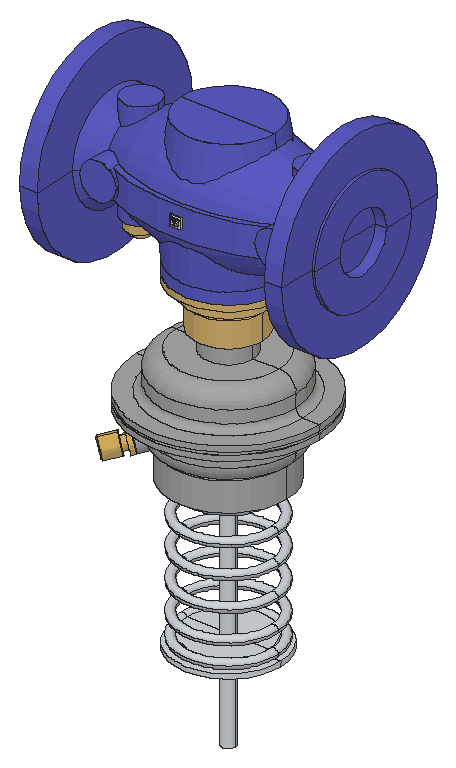
Revit family "Differenzdruckregler F_4007_HT_50-150kPa", category Rohrzubehör, Revit 2019
Family settings
  Bemaßung runder Anschluss = Durchmesser verwenden
  Teiletyp = Unterbricht
  OmniClass-Nummer = 23.65.55.14
  OmniClass-Titel = Valves for Liquid Services
  Arbeitsebenenbasiert = Nein
  Immer vertikal = Ja
  Beim Laden mit Abzugskörper schneiden = Nein
  Gemeinsam genutzt = Nein
Parameters
  Min. Betriebstemperatur (Frostschutz) = -10 °C  # constant formula
  Min. Betriebstemperatur = 2 °C  # constant formula
  Max. Betriebsdruck = 1600000.0 Pa  # constant formula
  Max. Betriebstemperatur = 150 °C  # constant formula
  URL = "www.herz-armaturen.at"
  Sollwertfeder = "EN 10270-1-SH"  # constant formula
  SCRNSEQ = "ARM;ARM_TYP=\"DIFR\";2"
  SCRNCODE = "05;03;02"  # constant formula
  S02 [instance] = H03 + H13  # 122 mm
  S01 [instance] = (2 * H02) + (2 * H04) + H05  # 72.7 mm
  R99 = 14 mm  # constant formula
  R98 = 6 mm  # constant formula
  R97 = 2 mm  # constant formula
  R02 = 15.5 mm  # constant formula
  R01 [instance] = size_lookup("4007_F_HT50-150", "R1", 45.5 mm, Nennweite)  # 45.5 mm
  R00 [instance] = size_lookup("4007_F_HT50-150", "R", 53 mm, Nennweite)  # 53 mm
  Nennweite [instance] = 50 mm
  Membrane und O-RInge = "EPDM"  # constant formula
  Medium = "Die Verwendung von Ethylen- und Propylenglykol ist im Mischungsverhältnis 25 - 50 % zulässig. Heizwasserqualität entsprechend ÖNORM H 5195 bzw. VDI-Richtlinie 2035"
  L05 [instance] = L04 - 6.3 mm  # 74.7 mm
  L04 [instance] = size_lookup("4007_F_HT50-150", "L4", 81 mm, Nennweite)  # 81 mm
  L03 = 10 mm  # constant formula
  L02 [instance] = size_lookup("4007_F_HT50-150", "L2", 15 mm, Nennweite)  # 15 mm
  L01 = 3 mm  # constant formula
  L00 [instance] = size_lookup("4007_F_HT50-150", "L", 115 mm, Nennweite)  # 115 mm
  Hersteller = "HERZ Armaturen Ges.m.b.H."  # constant formula
  H19 [instance] = size_lookup("4007_F_HT50-150", "H19", 9 mm, Nennweite)  # 424 mm
  H18 [instance] = H19 - 75 mm  # 349 mm
  H17 = 6 mm  # constant formula
  H16 = 10 mm  # constant formula
  H15 = 24.5 mm  # constant formula
  H14 = 5 mm  # constant formula
  H13 = 17 mm  # constant formula
  H12 [instance] = R00 + 4 mm  # 57 mm
  H11 [instance] = R00 + 10 mm  # 63 mm
  H10 = 5 mm  # constant formula
  H09 [instance] = size_lookup("4007_F_HT50-150", "H9", 9 mm, Nennweite)  # 9 mm
  H08 = 21 mm  # constant formula
  H07 [instance] = R00 + 23.4 mm  # 76.4 mm
  H06 [instance] = D12 + 15 mm  # 45.5 mm
  H05 = 2.5 mm  # constant formula
  H04 = 4.6 mm  # constant formula
  H03 [instance] = H08 + H09 + H10 + H11 + H14 + R97  # 105 mm
  H02 [instance] = size_lookup("4007_F_HT50-150", "H2", 30.5 mm, Nennweite)  # 30.5 mm
  H01 [instance] = size_lookup("4007_F_HT50-150", "H1", 210 mm, Nennweite)  # 205 mm
  Gehäuse = "Grauguss GJL250 nach EN 1561"  # constant formula
  Differenzdruck Einstellbereich = "50-150 kPa"  # constant formula
  DN65 [instance] = Nennweite = 65 mm  # no
  DN50 [instance] = Nennweite = 50 mm  # yes
  D17 = 6 mm  # constant formula
  D16 = 45 mm  # constant formula
  D15 = 35 mm  # constant formula
  D14 = 50 mm  # constant formula
  D13 [instance] = D11 + 10 mm  # 50 mm
  D12 [instance] = R01 - 15 mm  # 30.5 mm
  D11 [instance] = size_lookup("4007_F_HT50-150", "D11", 40 mm, Nennweite)  # 40 mm
  D10 [instance] = D11 + 5 mm  # 45 mm
  D09 [instance] = D11 - 5 mm  # 35 mm
  D08 = 24 mm  # constant formula
  D07 = 29.5 mm  # constant formula
  D06 [instance] = size_lookup("4007_F_HT50-150", "D6", 51 mm, Nennweite)  # 57.8 mm
  D05 [instance] = D04 - 1 mm  # 77 mm
  D04 [instance] = size_lookup("4007_F_HT50-150", "D4", 51 mm, Nennweite)  # 78 mm
  D03 = 21 mm  # constant formula
  D02 [instance] = Nennweite / 2  # 25 mm
  D01 [instance] = size_lookup("4007_F_HT50-150", "D1", 51 mm, Nennweite)  # 51 mm
  D00 [instance] = size_lookup("4007_F_HT50-150", "D", 82.5 mm, Nennweite)  # 82.5 mm
  Bestellnummer [instance] = if(Nennweite = 50 mm, "F400756", if(Nennweite = 65 mm, "F400757", "0"))  # "F400756"
  Ausführung = "Der Differenzdruckregler ist ein Proportionalregler in Geradsitzausführung und arbeitet ohne Hilfsenergie für Zweirohranlagen. Der gewünschte Differenzdruck- Sollwert kann zwischen 50 und 150 kPa stufenlos eingestellt werden."
  Anwendung = "Für Heizungs- und Kühlanlagen um den Differenzdruck innerhalb des regeltechnischen Bereiches konstant zu halten."
  Anschlussflansch = "EN 1092-2"  # constant formula
Reference planes
  plane 1 "Mitte (Vorne/hinten)": y = 0
  plane 2: z = -0.015
  plane 3 "Mitte (Links/rechts)": x = 0
Forms (mm)
  Revolve 1, solid, material "Herz-Marineblau", detail levels fine
    sketch origin (1065, 0, 0) x (1, 0, 0) y (0, 1, 0)
      loop
        line (-1177, 82.5) -> (-1177, 51) -> (-1180, 51) -> (-1180, 25) -> (-1170, 25) -> (-1170, 0) -> (-960, 0) -> (-960, 25) -> (-950, 25) -> (-950, 51) -> (-953, 51) -> (-953, 82.5) -> (-968, 82.5) -> (-968, 45.5) -> (-984, 30.5)
        arc (-984, 30.5) -> (-1065, 53) -> (-1146, 30.5) r 157.05
        line (-1146, 30.5) -> (-1162, 45.5) -> (-1162, 82.5) -> (-1177, 82.5)
      axis (-1180, 0) -> (-950, 0)
    angle from 0 to 360
  Extrusion 2, solid, material "Herz-Marineblau", detail levels fine
    sketch origin (0, 0, 0) x (1, 0, 0) y (0, 1, 0)
      loop
        circle (-74.7, 0) r 15.5
      loop
        circle (74.7, 0) r 15.5
    from -45.515 to 45.485
  Extrusion 3, solid, material "Herz-Marineblau", detail levels fine
    sketch origin (0, 0, 0) x (-1, 0, 0) y (0, 0, -1)
      loop
        circle (74.7, 0) r 15.5
      loop
        circle (-74.7, 0) r 15.5
    from -45.5 to 45.5
  Revolve 4, solid, material "Herz-Marineblau", detail levels fine
    sketch origin (92.737, 0, -45.97) x (1, 0, 0) y (0, 0, 1)
      loop
        line (-92.737, 102.955) -> (-92.737, -17.045) -> (-47.737, -17.045) -> (-47.737, -7.045) -> (-42.737, 45.97) -> (-52.737, 102.955) -> (-92.737, 102.955)
      axis (-92.737, 102.955) -> (-92.737, -17.045)
    angle from 0 to 360
  Revolve 5, solid, material "Messing", detail levels fine
    sketch origin (446.725, 0, 35.707) x (1, 0, 0) y (0, 0, 1)
      loop
        line (-446.725, -98.722) -> (-446.725, -140.722) -> (-417.225, -140.722) -> (-417.225, -119.722) -> (-422.725, -119.722) -> (-422.725, -114.722) -> (-411.725, -114.722) -> (-411.725, -105.722)
        arc (-411.725, -105.722) -> (-411.14, -104.308) -> (-409.725, -103.722) r 2
        line (-409.725, -103.722) -> (-401.725, -103.722) -> (-401.725, -98.722) -> (-446.725, -98.722)
      axis (-446.725, -140.722) -> (-446.725, -98.722)
    angle from 0 to 360
  Revolve 6, solid, material "Aluminium", detail levels fine
    sketch origin (925.114, 0, 19.41) x (1, 0, 0) y (0, 0, 1)
      loop
        line (-925.114, -124.425) -> (-925.114, -238.625) -> (-875.114, -238.625) -> (-875.114, -214.125) -> (-881.314, -214.125)
        arc (-881.314, -214.125) -> (-871.414, -210.025) -> (-867.314, -200.125) r 14
        line (-867.314, -200.125) -> (-867.314, -189.625)
        arc (-867.314, -189.625) -> (-865.556, -185.383) -> (-861.314, -183.625) r 6
        line (-861.314, -183.625) -> (-847.114, -183.625) -> (-847.114, -179.025) -> (-848.114, -179.025) -> (-848.114, -176.525) -> (-847.114, -176.525) -> (-847.114, -171.925) -> (-861.314, -171.925)
        arc (-861.314, -171.925) -> (-865.556, -170.168) -> (-867.314, -165.925) r 6
        line (-867.314, -165.925) -> (-867.314, -155.425)
        arc (-867.314, -155.425) -> (-871.414, -145.526) -> (-881.314, -141.425) r 14
        line (-881.314, -141.425) -> (-904.114, -141.425) -> (-904.114, -124.425) -> (-925.114, -124.425)
      axis (-925.114, -124.425) -> (-925.114, -238.625)
    angle from 0 to 360
  Extrusion 7, solid, material "Herz-Marineblau", visible <- "DN50", detail levels fine
    sketch origin (0, 0, 0) x (1, 0, 0) y (0, 1, 0)
      loop
        arc (-74.7, -37.498) -> (0, -56) -> (74.7, -37.498) r 160.05
        line (74.7, -37.498) -> (74.7, 37.498)
        arc (74.7, 37.498) -> (0, 56) -> (-74.7, 37.498) r 160.05
        line (-74.7, 37.498) -> (-74.7, -37.498)
    from -12.5 to 12.5
  Extrusion 8, solid, material "Herz-Marineblau", visible <- "DN65", detail levels fine
    sketch origin (0, 0, 0) x (1, 0, 0) y (0, 1, 0)
      loop
        arc (-104.7, -46.589) -> (0, -68) -> (104.7, -46.589) r 266.699
        line (104.7, -46.589) -> (104.7, 46.589)
        arc (104.7, 46.589) -> (0, 68) -> (-104.7, 46.589) r 266.699
        line (-104.7, 46.589) -> (-104.7, -46.589)
    from -12.5 to 12.5
  Revolve 9, solid, detail levels fine
    sketch origin (0, 0, 0) x (1, 0, 0) y (0, 0, 1)
      loop
        line (0, -349.015) -> (45, -349.015) -> (45, -345.015) -> (35, -345.015) -> (35, -339.015) -> (0, -339.015) -> (0, -349.015)
      axis (0, -339.015) -> (0, -349.015)
    angle from 0 to 360
  Revolve 10, solid, detail levels fine
    sketch origin (0, 0, 0) x (1, 0, 0) y (0, 0, 1)
      loop
        line (0, -214.615) -> (0, -424.015) -> (6, -424.015) -> (6, -214.615) -> (0, -214.615)
      axis (0, -214.615) -> (0, -424.015)
    angle from 0 to 360
  Sweep 11, solid, visible <- "DN50", detail levels fine
    path in 3D
      loop
        arc (-39, 0, -222.715) -> (0, -39, -222.715) -> (39, 0, -222.715) r 39
        arc (39, 0, -222.715) -> (0, 39, -222.715) -> (-39, 0, -222.715) r 39
    profile origin (0, 39, -222.715) x (0, -1, 0) y (0, 0, 1)
      loop
        circle (0, 0) r 3.5
  Sweep 12, solid, visible <- "DN65", detail levels fine
    path in 3D
      loop
        arc (-39, 0, -234.715) -> (0, -39, -234.715) -> (39, 0, -234.715) r 39
        arc (39, 0, -234.715) -> (0, 39, -234.715) -> (-39, 0, -234.715) r 39
    profile origin (0, 39, -234.715) x (0, -1, 0) y (0, 0, 1)
      loop
        circle (0, 0) r 3.5
  Sweep 13, solid, visible <- "DN50", detail levels fine
    path in 3D
      loop
        arc (-39, 0, -247.715) -> (0, -39, -247.715) -> (39, 0, -247.715) r 39
        arc (39, 0, -247.715) -> (0, 39, -247.715) -> (-39, 0, -247.715) r 39
    profile origin (0, 39, -247.715) x (0, -1, 0) y (0, 0, 1)
      loop
        circle (0, 0) r 3.5
  Sweep 14, solid, visible <- "DN50", detail levels fine
    path in 3D
      loop
        arc (-39, 0, -272.715) -> (0, -39, -272.715) -> (39, 0, -272.715) r 39
        arc (39, 0, -272.715) -> (0, 39, -272.715) -> (-39, 0, -272.715) r 39
    profile origin (0, 39, -272.715) x (0, -1, 0) y (0, 0, 1)
      loop
        circle (0, 0) r 3.5
  Sweep 15, solid, visible <- "DN50", detail levels fine
    path in 3D
      loop
        arc (-39, 0, -297.715) -> (0, -39, -297.715) -> (39, 0, -297.715) r 39
        arc (39, 0, -297.715) -> (0, 39, -297.715) -> (-39, 0, -297.715) r 39
    profile origin (0, 39, -297.715) x (0, -1, 0) y (0, 0, 1)
      loop
        circle (0, 0) r 3.5
  Sweep 16, solid, visible <- "DN50", detail levels fine
    path in 3D
      loop
        arc (-39, 0, -322.715) -> (0, -39, -322.715) -> (39, 0, -322.715) r 39
        arc (39, 0, -322.715) -> (0, 39, -322.715) -> (-39, 0, -322.715) r 39
    profile origin (0, 39, -322.715) x (0, -1, 0) y (0, 0, 1)
      loop
        circle (0, 0) r 3.5
  Sweep 17, solid, visible <- "DN50", detail levels fine
    path in 3D
      loop
        arc (-39, 0, -340.715) -> (0, -39, -340.715) -> (39, 0, -340.715) r 39
        arc (39, 0, -340.715) -> (0, 39, -340.715) -> (-39, 0, -340.715) r 39
    profile origin (0, 39, -340.715) x (0, -1, 0) y (0, 0, 1)
      loop
        circle (0, 0) r 3.5
  Sweep 18, solid, visible <- "DN65", detail levels fine
    path in 3D
      loop
        arc (-39, 0, -259.715) -> (0, -39, -259.715) -> (39, 0, -259.715) r 39
        arc (39, 0, -259.715) -> (0, 39, -259.715) -> (-39, 0, -259.715) r 39
    profile origin (0, 39, -259.715) x (0, -1, 0) y (0, 0, 1)
      loop
        circle (0, 0) r 3.5
  Sweep 19, solid, visible <- "DN65", detail levels fine
    path in 3D
      loop
        arc (-39, 0, -284.715) -> (0, -39, -284.715) -> (39, 0, -284.715) r 39
        arc (39, 0, -284.715) -> (0, 39, -284.715) -> (-39, 0, -284.715) r 39
    profile origin (0, 39, -284.715) x (0, -1, 0) y (0, 0, 1)
      loop
        circle (0, 0) r 3.5
  Sweep 20, solid, visible <- "DN65", detail levels fine
    path in 3D
      loop
        arc (-39, 0, -309.715) -> (0, -39, -309.715) -> (39, 0, -309.715) r 39
        arc (39, 0, -309.715) -> (0, 39, -309.715) -> (-39, 0, -309.715) r 39
    profile origin (0, 39, -309.715) x (0, -1, 0) y (0, 0, 1)
      loop
        circle (0, 0) r 3.5
  Sweep 21, solid, visible <- "DN65", detail levels fine
    path in 3D
      loop
        arc (-39, 0, -334.715) -> (0, -39, -334.715) -> (39, 0, -334.715) r 39
        arc (39, 0, -334.715) -> (0, 39, -334.715) -> (-39, 0, -334.715) r 39
    profile origin (0, 39, -334.715) x (0, -1, 0) y (0, 0, 1)
      loop
        circle (0, 0) r 3.5
  Sweep 22, solid, visible <- "DN65", detail levels fine
    path in 3D
      loop
        arc (-39, 0, -341.715) -> (0, -39, -341.715) -> (39, 0, -341.715) r 39
        arc (39, 0, -341.715) -> (0, 39, -341.715) -> (-39, 0, -341.715) r 39
    profile origin (0, 39, -341.715) x (0, -1, 0) y (0, 0, 1)
      loop
        circle (0, 0) r 3.5
  Revolve 23, solid, material "Messing, weicher Gelbton, geschweißt", visible <- "DN50", detail levels fine
    sketch origin (4.769, 5.029, 17.574) x (-0.707107, -0.707107, 0) y (0, 0, -1)
      loop
        line (70.524, 205.006) -> (72.604, 195.224) -> (76.516, 196.056) -> (75.643, 200.164) -> (80.534, 201.204) -> (81.133, 198.384) -> (94.817, 201.293) -> (95.511, 202.887) -> (94, 209.996) -> (70.524, 205.006)
      axis (94, 209.996) -> (70.524, 205.006)
    angle from 0 to 360
  Revolve 24, solid, material "Aluminium", visible <- "DN50", detail levels fine
    sketch origin (-31.293, -31.034, 6.734) x (-0.707107, -0.707107, 0) y (0, 0, -1)
      loop
        line (19.524, 194.165) -> (-44.055, 180.651) -> (-42.08, 171.359) -> (21.5, 184.873) -> (19.524, 194.165)
      axis (-44.055, 180.651) -> (19.524, 194.165)
    angle from 0 to 360
  Revolve 25, solid, material "Messing, weicher Gelbton, geschweißt", visible <- "DN65", detail levels fine
    sketch origin (4.769, 5.029, 5.574) x (-0.707107, -0.707107, 0) y (0, 0, -1)
      loop
        line (70.524, 205.006) -> (72.604, 195.224) -> (76.516, 196.056) -> (75.643, 200.164) -> (80.534, 201.204) -> (81.133, 198.384) -> (94.817, 201.293) -> (95.511, 202.887) -> (94, 209.996) -> (70.524, 205.006)
      axis (94, 209.996) -> (70.524, 205.006)
    angle from 0 to 360
  Revolve 26, solid, material "Aluminium", visible <- "DN65", detail levels fine
    sketch origin (-31.293, -31.034, -5.266) x (-0.707107, -0.707107, 0) y (0, 0, -1)
      loop
        line (19.524, 194.165) -> (-44.055, 180.651) -> (-42.08, 171.359) -> (21.5, 184.873) -> (19.524, 194.165)
      axis (-44.055, 180.651) -> (19.524, 194.165)
    angle from 0 to 360
  Revolve 27, solid, material "Messing, weicher Gelbton, geschweißt", detail levels fine
    sketch origin (30, 0, 10) x (1, 0, 0) y (0, 0, 1)
      loop
        line (-104.7, -55.515) -> (-116.7, -55.515) -> (-116.7, -64.515) -> (-113.7, -64.515) -> (-113.7, -68.015) -> (-104.7, -68.015) -> (-104.7, -55.515)
      axis (-104.7, -68.015) -> (-104.7, -55.515)
    angle from 0 to 360
  Revolve 28, solid, material "Messing, weicher Gelbton, geschweißt", detail levels fine
    sketch origin (-30, 0, 10) x (-1, 0, 0) y (0, 0, -1)
      loop
        line (-104.7, 55.515) -> (-104.7, 68.015) -> (-113.7, 68.015) -> (-113.7, 64.515) -> (-116.7, 64.515) -> (-116.7, 55.515) -> (-104.7, 55.515)
      axis (-104.7, 68.015) -> (-104.7, 55.515)
    angle from 0 to 360
Lines and regions (mm)
  model lines, detail levels coarse+medium
    curve 1: line (-115, 0, 82.485) -> (-115, 0, -82.515)
    curve 2: line (-115, 0, -82.515) -> (115, 0, 82.485)
    curve 3: line (115, 0, 82.485) -> (115, 0, -82.515)
    curve 4: line (115, 0, -82.515) -> (-115, 0, 82.485)
    curve 5: line (-57.5, 0, -41.265) -> (0, 0, -82.515)
    curve 6: line (0, 0, -82.515) -> (57.5, 0, -41.265)
    curve 7: line (0, 0, -82.515) -> (0, 0, -122.015)
    curve 8: spline (-78, 0, -158.365) -> (-75.342, 0, -148.957) -> (-67.55, 0, -140.19) -> (-55.154, 0, -132.662) -> (-39, 0, -126.885) -> (-20.188, 0, -123.254) -> (0, 0, -122.015) -> (20.188, 0, -123.254) -> (39, 0, -126.885) -> (55.154, 0, -132.662) -> (67.55, 0, -140.19) -> (75.342, 0, -148.957) -> (78, 0, -158.365) -> (75.342, 0, -167.773) -> (67.55, 0, -176.54) -> (55.154, 0, -184.069) -> (39, 0, -189.845) -> (20.188, 0, -193.477) -> (0, 0, -194.715) -> (-20.188, 0, -193.477) -> (-39, 0, -189.845) -> (-55.154, 0, -184.069) -> (-67.55, 0, -176.54) -> (-75.342, 0, -167.773) -> (-78, 0, -158.365)
    curve 9: line (-115, -82.5, 0) -> (-115, 82.5, 0)
    curve 10: line (-115, 82.5, 0) -> (115, -82.5, 0)
    curve 11: line (115, -82.5, 0) -> (115, 82.5, 0)
    curve 12: line (115, 82.5, 0) -> (-115, -82.5, 0)
    curve 13: line (-57.5, -41.25, 0) -> (0, -82.5, 0)
    curve 14: line (0, -82.5, 0) -> (57.5, -41.25, 0)
    curve 15: line (0, -82.5, 0) -> (0, -122, 0)
    curve 16: spline (-78, -158.35, 0) -> (-75.342, -148.942, 0) -> (-67.55, -140.175, 0) -> (-55.154, -132.647, 0) -> (-39, -126.87, 0) -> (-20.188, -123.239, 0) -> (0, -122, 0) -> (20.188, -123.239, 0) -> (39, -126.87, 0) -> (55.154, -132.647, 0) -> (67.55, -140.175, 0) -> (75.342, -148.942, 0) -> (78, -158.35, 0) -> (75.342, -167.758, 0) -> (67.55, -176.525, 0) -> (55.154, -184.053, 0) -> (39, -189.83, 0) -> (20.188, -193.461, 0) -> (0, -194.7, 0) -> (-20.188, -193.461, 0) -> (-39, -189.83, 0) -> (-55.154, -184.053, 0) -> (-67.55, -176.525, 0) -> (-75.342, -167.758, 0) -> (-78, -158.35, 0)
  sketch lines
    curve 17: circle (0, 0, -222.715) r 39 normal (0, 0, 1)
    curve 19: circle (0, 0, -234.715) r 39 normal (0, 0, 1)
    curve 22: circle (0, 0, -247.715) r 39 normal (0, 0, 1)
    curve 23: circle (0, 0, -272.715) r 39 normal (0, 0, 1)
    curve 24: circle (0, 0, -297.715) r 39 normal (0, 0, 1)
    curve 25: circle (0, 0, -322.715) r 39 normal (0, 0, 1)
    curve 26: circle (0, 0, -340.715) r 39 normal (0, 0, 1)
    curve 27: circle (0, 0, -259.715) r 39 normal (0, 0, 1)
    curve 28: circle (0, 0, -284.715) r 39 normal (0, 0, 1)
    curve 29: circle (0, 0, -309.715) r 39 normal (0, 0, 1)
    curve 30: circle (0, 0, -334.715) r 39 normal (0, 0, 1)
    curve 31: circle (0, 0, -341.715) r 39 normal (0, 0, 1)
  model lines, visible <- "DN50", detail levels coarse+medium
    curve 18: line (-39, 0, -219.215) -> (39, 0, -219.215)
  model lines, visible <- "DN65", detail levels fine
    curve 20: line (-39, 0, -231.215) -> (39, 0, -231.215)
  model lines, not visible, detail levels fine
    curve 21: line (-39, 0, -238.215) -> (39, 0, -238.215)
Dimensions and locks
  "H06": Extrusion 3 to plane 1 "Mitte (Vorne/hinten)" to Extrusion 3  (x2)
  "L02": Revolve 1 sketch curve to Revolve 1 sketch curve  (x2)
  "L01": Revolve 1 sketch curve to Revolve 1 sketch curve  (x2)
  "L00": Revolve 1 sketch curve to plane 3 "Mitte (Links/rechts)" to Revolve 1 sketch curve
  "L03": Revolve 1 sketch curve to Revolve 1 sketch curve  (x2)
  "D02": plane 1 "Mitte (Vorne/hinten)" to Revolve 1 sketch curve  (x2)
  "L04": plane 3 "Mitte (Links/rechts)" to Revolve 1 sketch curve
  "R01": plane 1 "Mitte (Vorne/hinten)" to Revolve 1 sketch curve
  "D01": plane 1 "Mitte (Vorne/hinten)" to Revolve 1 sketch curve  (x2)
  "D00": plane 1 "Mitte (Vorne/hinten)" to Revolve 1 sketch curve  (x2)
  "H06": Extrusion 2 to plane 2 to Extrusion 2  (x2)
  "L04": Revolve 1 sketch curve to plane 3 "Mitte (Links/rechts)"
  "R00": Revolve 1 sketch curve to Revolve 1 sketch curve
  "R01": Revolve 1 sketch curve to Revolve 1 sketch curve
  "D05": Revolve 6 sketch curve to Revolve 6 sketch curve
  "D04": Revolve 6 sketch curve to Revolve 6 sketch curve  (x2)
  "H04": Revolve 6 sketch curve to Revolve 6 sketch curve  (x2)
  "H05": Revolve 6 sketch curve to Revolve 6 sketch curve
  "H02": Revolve 6 sketch curve to Revolve 6 sketch curve  (x2)
  "H03": plane 2 to Revolve 6 sketch curve
  "D06": Revolve 6 sketch curve to Revolve 6 sketch curve
  "D03": Revolve 6 sketch curve to Revolve 6 sketch curve
  "D07": Revolve 5 sketch curve to Revolve 5 sketch curve
  "D08": Revolve 5 sketch curve to Revolve 5 sketch curve
  "H08": Revolve 5 sketch curve to Revolve 5 sketch curve
  "D09": Revolve 5 sketch curve to Revolve 5 sketch curve
  "D10": Revolve 5 sketch curve to Revolve 5 sketch curve
  "H10": Revolve 5 sketch curve to Revolve 5 sketch curve
  "H11": plane 2 to Revolve 4 sketch curve
  "H11": plane 2 to Revolve 5 sketch curve
  "D10": Revolve 4 sketch curve to Revolve 4 sketch curve
  "H12": Revolve 4 sketch curve to plane 2
  "L05": Extrusion 2 sketch curve to plane 3 "Mitte (Links/rechts)"
  "L05": plane 3 "Mitte (Links/rechts)" to Extrusion 2 sketch curve
  "L05": plane 3 "Mitte (Links/rechts)" to Extrusion 3 sketch curve
  "L05": Extrusion 3 sketch curve to plane 3 "Mitte (Links/rechts)"
  "D12": Revolve 1 sketch curve to Revolve 1 sketch curve  (x2)
  "D06": plane 3 "Mitte (Links/rechts)" to Revolve 6 sketch curve
  "R00": plane 2 to Revolve 4 sketch curve
  "D11": Revolve 4 sketch curve to Revolve 4 sketch curve
  "D13": Revolve 4 sketch curve to Revolve 4 sketch curve
  "H13": Revolve 6 sketch curve to Revolve 6 sketch curve
  "H14": Revolve 5 sketch curve to Revolve 5 sketch curve
  "H09": Revolve 5 sketch curve to Revolve 5 sketch curve
  "H03": plane 2 to Revolve 5 sketch curve
  "D14": Revolve 6 sketch curve to plane 3 "Mitte (Links/rechts)"
  "H15": Revolve 6 sketch curve to Revolve 6 sketch curve
  "H16": Revolve 9 sketch curve to Revolve 9 sketch curve
  "D15": Revolve 9 sketch curve to Revolve 9 sketch curve
  "D16": Revolve 9 sketch curve to Revolve 9 sketch curve
  "H17": Revolve 9 sketch curve to Revolve 9 sketch curve
  "D17": Revolve 10 sketch curve to Revolve 10 sketch curve
  "L00": curve 1 to plane 3 "Mitte (Links/rechts)" to curve 3
  "D00": curve 4 to plane 2 to curve 2
  "D00": curve 3 to plane 2 to curve 4
  equal spacing: plane 3 "Mitte (Links/rechts)", curve 5, curve 2
  equal spacing: curve 4, curve 6, plane 3 "Mitte (Links/rechts)"
  "D00": plane 2 to curve 6
  "S02": plane 2 to curve 7
  "S01": curve 8 to curve 8
  "D04": plane 3 "Mitte (Links/rechts)" to curve 8
  "S02": plane 2 to curve 8
  "L00": curve 9 to plane 3 "Mitte (Links/rechts)" to curve 11
  "D00": curve 12 to plane 1 "Mitte (Vorne/hinten)" to curve 10
  "D00": curve 11 to plane 1 "Mitte (Vorne/hinten)" to curve 12
  equal spacing: plane 3 "Mitte (Links/rechts)", curve 13, curve 12
  equal spacing: plane 3 "Mitte (Links/rechts)", curve 14, curve 11
  "D00": curve 14 to plane 1 "Mitte (Vorne/hinten)"
  "S02": curve 15 to plane 1 "Mitte (Vorne/hinten)"
  "S01": curve 16 to curve 16
  "D04": curve 16 to plane 3 "Mitte (Links/rechts)"
  "S02": curve 16 to plane 1 "Mitte (Vorne/hinten)"
  "H18": plane 2 to Revolve 9 sketch curve
  "H19": plane 2 to Revolve 10 sketch curve
  Revolve 27 sketch curve to Revolve 27 sketch curve = 9 mm  (x2)
  Revolve 27 sketch curve to Revolve 27 sketch curve = 12.5 mm
  Revolve 27 sketch curve to Revolve 27 sketch curve = 12 mm
  "H06": plane 2 to Revolve 27 sketch curve
  "L05": plane 3 "Mitte (Links/rechts)" to Revolve 27 sketch curve
  Revolve 28 sketch curve to Revolve 28 sketch curve = 9 mm  (x2)
  Revolve 28 sketch curve to Revolve 28 sketch curve = 12.5 mm
  Revolve 28 sketch curve to Revolve 28 sketch curve = 12 mm
  "L05": Revolve 28 sketch curve to plane 3 "Mitte (Links/rechts)"
  "H06": plane 2 to Revolve 28 sketch curve
  "R99": radius of Revolve 6 sketch curve  (x2)
  "R98": radius of Revolve 6 sketch curve  (x2)
  "R02": radius of Extrusion 2 sketch curve  (x2)
  "R02": radius of Extrusion 3 sketch curve  (x2)
  "R97": radius of Revolve 5 sketch curve
  aligned and locked: level to plane 2
Automatic sketch dimensions
  Extrusion 7 sketch curve to plane 3 "Mitte (Links/rechts)" = 0 mm  (x2)
  Extrusion 7 sketch curve to plane 3 "Mitte (Links/rechts)" = 74.7 mm
  Extrusion 7 sketch curve to plane 1 "Mitte (Vorne/hinten)" = 37.498 mm
  plane 3 "Mitte (Links/rechts)" to Extrusion 7 sketch curve = 74.7 mm
  plane 1 "Mitte (Vorne/hinten)" to Extrusion 7 sketch curve = 37.498 mm
  Extrusion 7 sketch curve to Extrusion 7 sketch curve = 66.552 mm  (x2)
  Extrusion 8 sketch curve to plane 3 "Mitte (Links/rechts)" = 0 mm  (x2)
  plane 1 "Mitte (Vorne/hinten)" to Extrusion 8 sketch curve = 46.589 mm
  Extrusion 8 sketch curve to plane 3 "Mitte (Links/rechts)" = 104.7 mm
  Extrusion 8 sketch curve to plane 1 "Mitte (Vorne/hinten)" = 46.589 mm
  plane 3 "Mitte (Links/rechts)" to Extrusion 8 sketch curve = 104.7 mm
  Extrusion 8 sketch curve to Extrusion 8 sketch curve = 152.11 mm  (x2)
  curve 21 to plane 3 "Mitte (Links/rechts)" = 39 mm
  curve 21 to plane 2 = 238.2 mm
  curve 20 to curve 21 = 0 mm  (x2)
  curve 18 to curve 20 = 0 mm  (x2)
  plane 3 "Mitte (Links/rechts)" to curve 20 = 39 mm
  curve 21 to curve 20 = 7 mm
  curve 20 to curve 18 = 12 mm
  Sweep 11 sketch curve to profile plane = 0 mm  (x2)
  Sweep 12 sketch curve to profile plane = 0 mm  (x2)
  Sweep 13 sketch curve to profile plane = 0 mm  (x2)
  Sweep 14 sketch curve to profile plane = 0 mm  (x2)
  Sweep 15 sketch curve to profile plane = 0 mm  (x2)
  Sweep 16 sketch curve to profile plane = 0 mm  (x2)
  Sweep 17 sketch curve to profile plane = 0 mm  (x2)
  Sweep 18 sketch curve to profile plane = 0 mm  (x2)
  Sweep 19 sketch curve to profile plane = 0 mm  (x2)
  Sweep 20 sketch curve to profile plane = 0 mm  (x2)
  Sweep 21 sketch curve to profile plane = 0 mm  (x2)
  Sweep 22 sketch curve to profile plane = 0 mm  (x2)
  Revolve 23 sketch curve to plane 2 = 187.416 mm
  Revolve 23 sketch curve to plane 2 = 177.635 mm
  Revolve 23 sketch curve to Revolve 23 sketch curve = 2.079 mm
  Revolve 23 sketch curve to plane 2 = 182.575 mm
  Revolve 23 sketch curve to Revolve 23 sketch curve = 3.039 mm
  Revolve 23 sketch curve to plane 2 = 183.614 mm
  Revolve 23 sketch curve to plane 2 = 180.795 mm
  Revolve 23 sketch curve to plane 2 = 192.406 mm
  Revolve 23 sketch curve to plane 2 = 183.704 mm
  Revolve 23 sketch curve to plane 2 = 185.297 mm
  Revolve 23 sketch curve to plane 2 = 187.419 mm
  Revolve 23 sketch curve to Revolve 23 sketch curve = 0.015 mm
  Revolve 23 sketch curve to plane 2 = 189.733 mm
  Revolve 23 sketch curve to Revolve 23 sketch curve = 0.89 mm
  Revolve 24 sketch curve to plane 2 = 173.902 mm
  Revolve 24 sketch curve to plane 2 = 164.61 mm
  Revolve 24 sketch curve to Revolve 24 sketch curve = 1.975 mm
  Revolve 24 sketch curve to plane 2 = 187.416 mm
  Revolve 24 sketch curve to plane 2 = 183.266 mm
  Revolve 24 sketch curve to Revolve 24 sketch curve = 19.524 mm
  Revolve 24 sketch curve to plane 2 = 198.257 mm
  Revolve 24 sketch curve to Revolve 24 sketch curve = 51 mm
  Revolve 25 sketch curve to plane 2 = 199.416 mm
  Revolve 25 sketch curve to plane 2 = 189.635 mm
  Revolve 25 sketch curve to Revolve 25 sketch curve = 2.079 mm
  Revolve 25 sketch curve to plane 2 = 194.575 mm
  Revolve 25 sketch curve to Revolve 25 sketch curve = 3.039 mm
  Revolve 25 sketch curve to plane 2 = 195.614 mm
  Revolve 25 sketch curve to plane 2 = 192.795 mm
  Revolve 25 sketch curve to plane 2 = 204.406 mm
  Revolve 25 sketch curve to plane 2 = 195.704 mm
  Revolve 25 sketch curve to plane 2 = 197.297 mm
  Revolve 25 sketch curve to plane 2 = 199.419 mm
  Revolve 25 sketch curve to Revolve 25 sketch curve = 0.015 mm
  Revolve 25 sketch curve to plane 2 = 201.733 mm
  Revolve 25 sketch curve to Revolve 25 sketch curve = 0.89 mm
  Revolve 26 sketch curve to plane 2 = 185.902 mm
  Revolve 26 sketch curve to plane 2 = 176.61 mm
  Revolve 26 sketch curve to Revolve 26 sketch curve = 1.975 mm
  Revolve 26 sketch curve to plane 2 = 199.416 mm
  Revolve 26 sketch curve to plane 2 = 195.266 mm
  Revolve 26 sketch curve to Revolve 26 sketch curve = 19.524 mm
  Revolve 26 sketch curve to plane 2 = 210.257 mm
  Revolve 26 sketch curve to Revolve 26 sketch curve = 51 mm
  curve 8 to plane 3 "Mitte (Links/rechts)" = 0 mm
  curve 7 to plane 3 "Mitte (Links/rechts)" = 0 mm
  curve 16 to plane 3 "Mitte (Links/rechts)" = 0 mm
  curve 15 to plane 3 "Mitte (Links/rechts)" = 0 mm
  plane 1 "Mitte (Vorne/hinten)" to Revolve 1 sketch curve = 0 mm  (x2)
  Revolve 1 sketch curve to Revolve 1 sketch curve = 35 mm
  Revolve 1 sketch curve to Revolve 1 sketch curve = 30 mm
  plane 1 "Mitte (Vorne/hinten)" to Extrusion 2 sketch curve = 0 mm  (x2)
  Extrusion 3 sketch curve to level = 0 mm  (x2)
  Revolve 4 sketch curve to plane 3 "Mitte (Links/rechts)" = 0 mm  (x2)
  Revolve 4 sketch curve to level = 0 mm
  Revolve 4 sketch curve to plane 2 = 25.895 mm
  level to Revolve 4 sketch curve = 24.09 mm
  Revolve 5 sketch curve to plane 3 "Mitte (Links/rechts)" = 0 mm  (x2)
  Revolve 5 sketch curve to Revolve 5 sketch curve = 8.988 mm
  Revolve 5 sketch curve to Revolve 5 sketch curve = 0 mm
  Revolve 6 sketch curve to plane 3 "Mitte (Links/rechts)" = 0 mm  (x2)
  Revolve 6 sketch curve to Revolve 6 sketch curve = 0 mm
  Revolve 6 sketch curve to Revolve 6 sketch curve = 9.421 mm
  Revolve 9 sketch curve to plane 3 "Mitte (Links/rechts)" = 0 mm  (x2)
  Revolve 9 sketch curve to plane 2 = 112.329 mm
  level to Revolve 9 sketch curve = 2214.315 mm
  Revolve 10 sketch curve to plane 3 "Mitte (Links/rechts)" = 0 mm  (x2)
  Revolve 10 sketch curve to Revolve 10 sketch curve = 209.4 mm
  Revolve 10 sketch curve to Revolve 10 sketch curve = 17.86 mm
  level to Revolve 10 sketch curve = 2214.315 mm
  Revolve 27 sketch curve to Revolve 27 sketch curve = 0 mm  (x3)
  Revolve 28 sketch curve to Revolve 28 sketch curve = 0 mm  (x3)
  radius of Sweep 11 sketch curve = 3.5 mm
  radius of Sweep 12 sketch curve = 3.5 mm
  radius of Sweep 13 sketch curve = 3.5 mm
  radius of Sweep 14 sketch curve = 3.5 mm
  radius of Sweep 15 sketch curve = 3.5 mm
  radius of Sweep 16 sketch curve = 3.5 mm
  radius of Sweep 17 sketch curve = 3.5 mm
  radius of Sweep 18 sketch curve = 3.5 mm
  radius of Sweep 19 sketch curve = 3.5 mm
  radius of Sweep 20 sketch curve = 3.5 mm
  radius of Sweep 21 sketch curve = 3.5 mm
  radius of Sweep 22 sketch curve = 3.5 mm
Nested families
  nested 1: "Herz-Logo-vorne" at (-0.018, -56, 0) x (0, 1, 0) z (0, 0, 1), visible <- "DN50", type "Herz-Logo-vorne", detail levels fine
  nested 2: "Herz-Logo-vorne" at (-0.018, -67.982, 0) x (0, 1, 0) z (0, 0, 1), visible <- "DN65", type "Herz-Logo-vorne", detail levels fine
Connectors
  piping at (-115, 0, 0), diameter 50, driven by "Nennweite"
    settings: on Revolve 1, index 1, connector inside diameter 609.6 mm, connector length 0 mm, flow factor 0, pipe flow 0.0 L/s, pressure drop 0.0 Pa, fitting loss kfactor 0, connector angle 0.00°, fixture units 0, engagement length 0 mm, angle of deflection 0.00°, flow configuration 0, flow direction 2, fitting loss method 0, system type 29, joint type 0, gender type 0, connector reference index -1, connector utility 0, adjustable connector no, is connector primary yes, connector description ""
  piping at (115, 0, 0), diameter 50, driven by "Nennweite"
    settings: on Revolve 1, index 2, connector inside diameter 609.6 mm, connector length 0 mm, flow factor 0, pipe flow 0.0 L/s, pressure drop 0.0 Pa, fitting loss kfactor 0, connector angle 0.00°, fixture units 0, engagement length 0 mm, angle of deflection 0.00°, flow configuration 0, flow direction 1, fitting loss method 0, system type 29, joint type 0, gender type 0, connector reference index -1, connector utility 0, adjustable connector no, is connector primary no, connector description ""
Definition of nested family "Herz-Logo-vorne"
  Reference planes
    plane 1 "Mitte (Vorne/hinten)": y = 0
    plane 2: z = 0
    plane 3 "Mitte (Links/rechts)": x = 0
  Forms (mm)
    Extrusion 1, solid
      sketch origin (0.732, -0.018, 0.017) x (0, -1, 0) y (0, 0, 1)
        loop
          line (-0.018, -4.517) -> (4.482, -4.517) -> (4.482, 4.483) -> (-4.518, 4.483) -> (-4.518, -4.517) -> (-0.018, -4.517)
        loop
          line (-0.05, -3.48) -> (3.482, -3.48) -> (3.482, 3.483) -> (-3.518, 3.483) -> (-3.518, -3.48) -> (-0.05, -3.48)
        loop
          arc (-0.018, 2.383) -> (-1.543, 3.287) -> (-3.067, 2.383) r 1.738
          arc (-3.067, 2.383) -> (-3.191, 1.899) -> (-3.067, 1.415) r 1.009
          line (-3.067, 1.415) -> (-0.018, -3.281) -> (3.032, 1.415)
          arc (3.032, 1.415) -> (3.156, 1.899) -> (3.032, 2.383) r 1.009
          arc (3.032, 2.383) -> (1.507, 3.287) -> (-0.018, 2.383) r 1.738
        loop
          arc (1.885, 1.272) -> (2.005, 1.675) -> (1.885, 2.079) r 0.74
          arc (1.885, 2.079) -> (1.265, 2.416) -> (0.644, 2.079) r 0.74
          line (0.644, 2.079) -> (-0.018, 0.97) -> (-0.679, 2.079)
          arc (-0.679, 2.079) -> (-1.3, 2.416) -> (-1.921, 2.079) r 0.74
          arc (-1.921, 2.079) -> (-2.04, 1.675) -> (-1.921, 1.272) r 0.74
          line (-1.921, 1.272) -> (-0.018, -1.658) -> (1.885, 1.272)
      from 0 to 1.5
  Dimensions and locks
    aligned and locked: level to plane 2
